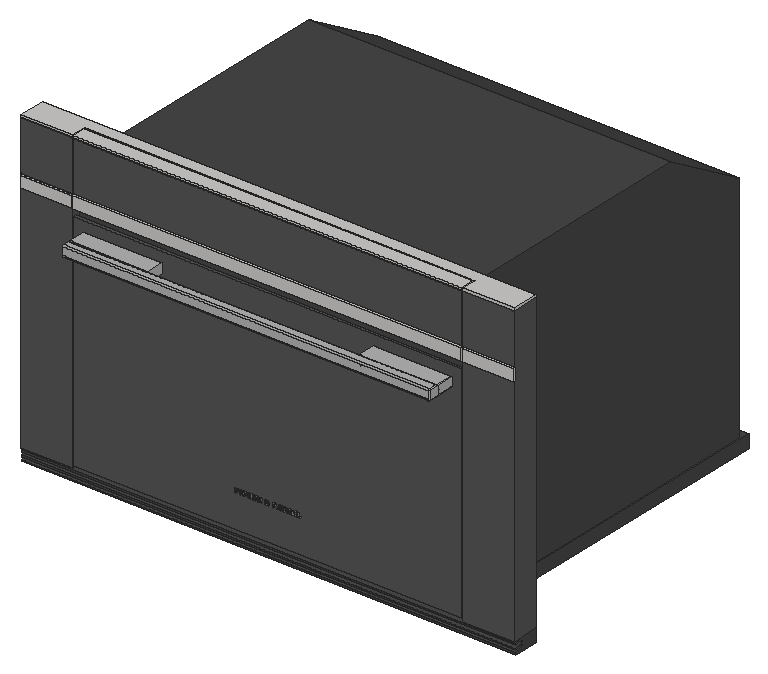
Revit family "FP_Revit_18_OM60NDB1_w_TK76NDB1_Microwave_Oven_w_76cm_Trimkit_90000813A", category Specialty Equipment, Revit 2018
Family settings
  Round Connector Dimension = Use Diameter
  Part Type = Normal
  OmniClass Number = 23.40.40.14.17.31
  OmniClass Title = Small Specialized Cooking Equipment
  Work Plane-Based = No
  Always vertical = Yes
  Cut with Voids When Loaded = Yes
  Shared = No
  Room Calculation Point = No
Parameters (values of type "OM60NDB1 + TK76NDB1")
  Visibility - Clearance Required = yes
  URL = "www.fisherpaykel.com"
  Product - Width = 757 mm  # constant formula
  Product - Height = 478 mm  # constant formula
  Product - Depth = 614 mm  # constant formula
  Model = "OM60NDB1 + TK76NDB1"
  Material - Trim = Fisher & Paykel - Stainless Steel
  Material - Structure = Fisher & Paykel - Black
  Material - Handle = Fisher & Paykel - Aluminium
  Material - Glass = Fisher & Paykel - Glass, Black
  Material - Body = Fisher & Paykel - Black
  Manufacturer = "Fisher & Paykel Appliances"
  FFL Offset [instance] = 900 mm
  Description = "60cm Microwave Oven + 76cm Trimkit"
  Connector Description - Electrical = "220-240 V, 50 Hz, 14.5 A"
  Chassis - Width = 560 mm  # constant formula
  Chassis - Height = 446 mm  # constant formula
  Chassis - Depth = 540 mm  # constant formula
  Cavity - Width = 560 mm  # constant formula
  Cavity - Height = 480 mm  # constant formula
  Cavity - Depth = 560 mm  # constant formula
Reference planes
  plane 1 "Center (Front/Back)": y = 0
  plane 2: z = 0
  plane 3 "Center (Left/Right)": x = 0
  plane 4: z = 1380
  plane 5: z = 1378
  plane 6 "Product LHS": x = -378.5
  plane 7 "Product RHS": x = 378.5
  plane 8 "Product - Depth": y = 0
  plane 9 "Cavity LHS": x = -380
  plane 10 "Cavity RHS": x = 380
  plane 11 "Cavity - Depth": y = 560
  plane 12 "Front Face": y = -41.5
  plane 13 "Chassis - Height": z = 0
  plane 14 "Product Depth": y = 540
  plane 15 "FFL Offset": z = 900
Forms (mm)
  Extrusion 1, void
    sketch origin (0, 0, 0) x (0, 1, 0) y (0, 0, 1)
      loop
        line (-41.5, 1380) -> (-41.5, 900) -> (0, 900) -> (0, 1380) -> (-41.5, 1380)
    from -380 to 380
  Extrusion 2, void
    sketch origin (0, 0, 0) x (0, 1, 0) y (0, 0, 1)
      loop
        line (560, 1370) -> (0, 1370) -> (0, 900) -> (560, 900) -> (560, 1370)
    from -280 to 280
Text (mm)
  text "Due to ongoing product development, product details are subject to change without notice. \nPlease always refer to www.fisherpaykel.com for the most current product information. \n© Fisher & Paykel 2020" at (41.04, -413.295, 0), in view "Ref. Level (Plan)"
Dimensions and locks
  equal spacing: plane 6 "Product LHS", plane 3 "Center (Left/Right)", plane 7 "Product RHS"
  "Product - Width": plane 6 "Product LHS" to plane 7 "Product RHS"
  equal spacing: plane 9 "Cavity LHS", plane 3 "Center (Left/Right)", plane 10 "Cavity RHS"
  plane 12 "Front Face" to plane 1 "Center (Front/Back)" = 41.5 mm
  "Chassis - Depth": plane 1 "Center (Front/Back)" to plane 14 "Product Depth"
  "FFL Offset": plane 15 "FFL Offset" to level
  "Cavity - Depth": plane 1 "Center (Front/Back)" to plane 11 "Cavity - Depth"
  "Product - Height": plane 5 to plane 15 "FFL Offset"
  "Cavity - Height": plane 4 to plane 15 "FFL Offset"
  locked: plane 9 "Cavity LHS" to plane 10 "Cavity RHS" at 760
  "Cavity - Width": Extrusion 2 to Extrusion 2
  aligned and locked: level to plane 2
  aligned and locked: plane 15 "FFL Offset" to nested 2
  aligned and locked: nested 2 to plane 8 "Product - Depth"
  aligned and locked: plane 12 "Front Face" to nested 2
  aligned and locked: plane 12 "Front Face" to Extrusion 1 sketch curve
  aligned and locked: Extrusion 1 sketch curve to plane 8 "Product - Depth"
  aligned and locked: plane 15 "FFL Offset" to Extrusion 1 sketch curve
  aligned and locked: Extrusion 1 sketch curve to plane 4
  aligned and locked: Extrusion 1 to plane 10 "Cavity RHS"
  aligned and locked: plane 9 "Cavity LHS" to Extrusion 1
  aligned and locked: Extrusion 2 sketch curve to plane 8 "Product - Depth"
  aligned and locked: Extrusion 2 sketch curve to plane 15 "FFL Offset"
  aligned and locked: plane 11 "Cavity - Depth" to Extrusion 2 sketch curve
  aligned and locked: Extrusion 2 sketch curve to nested 2
Nested families
  nested 1: "FP_Revit_18_OM60NDB1_Microwave_Oven_90000813A" at (0, -19.5, 20), FFL Offset <- "FFL Offset", type "OM60NDB1"
    with FFL Offset 900 mm
  nested 2: "FP_Revit_18_TK76ND_Trimkits_90001189A" at (0, 0, 0), FFL Offset <- "FFL Offset", type "TK76NDB1"
    with FFL Offset 900 mm
Connectors
  electrical at (-193.854, 529.119, 959.454), driven by "Connector Description - Electrical"
    settings: on nested 1, index 1, voltage 230 V, apparent load 0 VA, apparent load phase1 0 VA, apparent load phase2 0 VA, apparent load phase3 0 VA, power factor 1, load classification "Other", number of poles 1, system type 30, power factor state 1, is connector primary yes, connector utility no, sub classification motor no, connector description "220-240 V, 50 Hz, 14.5 A"
Definition of nested family "FP_Revit_18_OM60NDB1_Microwave_Oven_90000813A"
  Parameters (values of type "OS60NDBB1")
    Visibility - Clearance Required = yes
    URL = "www.fisherpaykel.com"
    Product - Width = 596 mm  # constant formula
    Product - Height = 458 mm  # constant formula
    Product - Depth = 562 mm  # constant formula
    Model = "OS60NDBB1"
    Material - Trim = none
    Material - Structure = none
    Material - Handle = none
    Material - Glass = none
    Material - Body = none
    Manufacturer = "Fisher & Paykel Appliances"
    FFL Offset [instance] = 900 mm
    Description = "60cm Steam Oven"
    Connector Description - Electrical = "220-240 V, 50 Hz, 14.5 A"
    Chassis - Width = 556 mm  # constant formula
    Chassis - Height = 446 mm  # constant formula
    Chassis - Depth = 540 mm  # constant formula
    Cavity - Width = 600 mm  # constant formula
    Cavity - Height = 460 mm  # constant formula
    Cavity - Depth = 560 mm  # constant formula
  Types (4, lengths in mm): name | Model | Description
    OS60NDB1 | "OS60NDB1" | "60cm Steam Oven"
    OM60NDB1 | "OM60NDB1" | "60cm Microwave Oven"
    OM60NDBB1 | "OM60NDBB1" | "60cm Microwave Oven"
    OS60NDBB1 | "OS60NDBB1" | "60cm Steam Oven"
  Reference planes
    plane 1 "Center (Front/Back)": y = 0
    plane 2: z = 0
    plane 3 "Center (Left/Right)": x = 0
    plane 4: z = 1360
    plane 5: z = 1358
    plane 6 "Product LHS": x = -298
    plane 7 "Product RHS": x = 298
    plane 8 "Product - Depth": y = 0
    plane 9 "Cavity LHS": x = -300
    plane 10 "Cavity RHS": x = 300
    plane 11 "Cavity - Depth": y = 560
    plane 12 "Front Face": y = -22
    plane 13 "Chassis - Height": z = 0
    plane 14 "Product Depth": y = 540
    plane 15 "FFL Offset": z = 900
  Forms (mm)
    Extrusion 1, solid, material <- "Material - Body"
      sketch origin (0, 0, 0) x (0, 1, 0) y (0, 0, 1)
        loop
          line (0, 1346) -> (0, 907.28) -> (5.16, 907.28) -> (5.16, 900) -> (534.187, 900) -> (534.187, 1257.991) -> (403.295, 1336.64) -> (24.316, 1336.64) -> (8.71, 1346) -> (0, 1346)
      from -278 to 278
    Extrusion 2, solid, material <- "Material - Structure", detail levels fine
      sketch origin (0, 0, 0) x (0, 1, 0) y (0, 0, 1)
        loop
          line (0, 1353.9) -> (-2, 1353.9) -> (-2, 1355) -> (-18, 1355) -> (-18, 1258) -> (-9.89, 1258) -> (-9.89, 907.28) -> (0, 907.28) -> (0, 1353.9)
      from -298 to 298
    Extrusion 3, solid, material <- "Material - Trim", detail levels fine
      sketch origin (0, 0, 0) x (0, 1, 0) y (0, 0, 1)
        loop
          line (-22, 1358) -> (-22, 1355) -> (-2, 1355) -> (-2, 1358) -> (-22, 1358)
      from -298 to 298
    Extrusion 4, solid, material <- "Material - Glass", detail levels fine
      sketch origin (0, 0, 0) x (0, 1, 0) y (0, 0, 1)
        loop
          line (-18, 1355) -> (-20.262, 1355)
          arc (-20.262, 1355) -> (-21.236, 1354.682) -> (-22, 1354) r 2.5
          line (-22, 1354) -> (-22, 1258) -> (-18, 1258) -> (-18, 1355)
      from -298 to 298
    Extrusion 5, solid, material <- "Material - Glass", detail levels fine
      sketch origin (0, 0, 0) x (0, 1, 0) y (0, 0, 1)
        loop
          line (-22, 1246.53) -> (-22, 904.53) -> (-18, 904.53) -> (-18, 1246.53) -> (-22, 1246.53)
      from -298 to 298
    Extrusion 6, solid, material <- "Material - Structure", detail levels fine
      sketch origin (0, 0, 0) x (0, 1, 0) y (0, 0, 1)
        loop
          line (-18, 1229.33) -> (-18, 907.28) -> (-9.89, 907.28) -> (-9.89, 1229.33) -> (-18, 1229.33)
      from -278 to 278
    Extrusion 7, void
      sketch origin (0, 0, 0) x (1, 0, 0) y (0, 0, 1)
        loop
          line (-158.462, 1052.91) -> (-229.24, 1052.91)
          arc (-229.24, 1052.91) -> (-232.776, 1051.446) -> (-234.24, 1047.91) r 5
          line (-234.24, 1047.91) -> (-234.24, 955.13)
          arc (-234.24, 955.13) -> (-232.776, 951.594) -> (-229.24, 950.13) r 5
          line (-229.24, 950.13) -> (-158.462, 950.13)
          arc (-158.462, 950.13) -> (-154.926, 951.594) -> (-153.462, 955.13) r 5
          line (-153.462, 955.13) -> (-153.462, 1047.91)
          arc (-153.462, 1047.91) -> (-154.926, 1051.446) -> (-158.462, 1052.91) r 5
      from -539.6 to -521.6
    Sweep 8, void
      path in 3D
        loop
          arc (-153.462, 521.6, 955.13) -> (-154.926, 521.6, 951.594) -> (-158.462, 521.6, 950.13) r 5
          line (-158.462, 521.6, 950.13) -> (-229.24, 521.6, 950.13)
          arc (-229.24, 521.6, 950.13) -> (-232.776, 521.6, 951.594) -> (-234.24, 521.6, 955.13) r 5
          line (-234.24, 521.6, 955.13) -> (-234.24, 521.6, 1047.91)
          arc (-234.24, 521.6, 1047.91) -> (-232.776, 521.6, 1051.446) -> (-229.24, 521.6, 1052.91) r 5
          line (-229.24, 521.6, 1052.91) -> (-158.462, 521.6, 1052.91)
          arc (-158.462, 521.6, 1052.91) -> (-154.926, 521.6, 1051.446) -> (-153.462, 521.6, 1047.91) r 5
          line (-153.462, 521.6, 1047.91) -> (-153.462, 521.6, 955.13)
      profile origin (-153.462, 521.6, 1001.52) x (-1, 0, 0) y (0, -1, 0)
        loop
          line (0, 0) -> (-21.3, -12.587) -> (0, -12.587) -> (0, 0)
    Extrusion 9, solid, material <- "Material - Body", detail levels medium+fine
      sketch origin (0, 0, -100) x (1, 0, 0) y (0, 0, 1)
        loop
          line (-175.354, 1115.273) -> (-212.354, 1115.273) -> (-212.354, 1057.273) -> (-175.354, 1057.273) -> (-175.354, 1115.273)
      from -540 to -521.6
    Extrusion 10, solid, material <- "Material - Trim", detail levels fine
      sketch origin (0, 0, 0) x (0, 1, 0) y (0, 0, 1)
        loop
          line (-22, 1258) -> (-22, 1277.8) -> (-22.8, 1277.8) -> (-23.7, 1275.5) -> (-23.7, 1258) -> (-22, 1258)
      from -298 to 298
    Extrusion 11, solid, visible <- "Visibility - Clearance Required", detail levels coarse
      sketch origin (0, 0, 0) x (1, 0, 0) y (0, 1, 0)
        loop
          line (-280, 0) -> (280, 0) -> (280, 548.619) -> (-280, 548.619) -> (-280, 0)
      from 900 to 1360
    Extrusion 12, solid, visible <- "Visibility - Clearance Required", detail levels coarse
      sketch origin (0, 0, 0) x (0, 1, 0) y (0, 0, 1)
        loop
          arc (-22, 1246.53) -> (-241.159, 1161.206) -> (-341.563, 948.532) r 317.644
          line (-341.563, 948.532) -> (-326.406, 946.445) -> (-332.106, 905.048) -> (-316.871, 902.951) -> (-311.171, 944.347) -> (-22, 904.53) -> (-22, 900) -> (0, 900) -> (0, 1360) -> (-22, 1360) -> (-22, 1246.53)
      from -300 to 300
    Sweep 13, solid, material <- "Material - Body", detail levels fine
      path origin (0, 0, -100) x (0, 1, 0) y (0, 0, 1)
        loop
          arc (530.8, 1057.273) -> (536.019, 1044.673) -> (548.619, 1039.454) r 17.819
      profile origin (0, 536.019, 944.673) x (0, 0.707107, 0.707107) y (1, 0, 0)
        loop
          circle (0, -193.854) r 5
    Extrusion 14, solid, material <- "Material - Glass", detail levels coarse+medium
      sketch origin (0, 0, 0) x (0, 1, 0) y (0, 0, 1)
        loop
          line (-22, 1358) -> (-22, 1258) -> (-9.89, 1258) -> (-9.89, 1229.33) -> (-18, 1229.33) -> (-18, 1246.53) -> (-22, 1246.53) -> (-22, 904.53) -> (-18, 904.53) -> (-18, 907.28) -> (0, 907.28) -> (0, 1353.9) -> (-2, 1353.9) -> (-2, 1358) -> (-22, 1358)
      from -298 to 298
    Extrusion 15, solid, material <- "Material - Body", not visible, detail levels medium+fine
      sketch origin (0, 0, 0) x (1, 0, 0) y (0, 0, 1)
        loop
          line (-175.354, 1115.273) -> (-212.354, 1115.273) -> (-212.354, 1057.273) -> (-175.354, 1057.273) -> (-175.354, 1115.273)
      from -540 to -521.6
    Sweep 16, solid, material <- "Material - Body", not visible, detail levels fine
      path origin (0, 0, 0) x (0, 1, 0) y (0, 0, 1)
        loop
          arc (530.8, 1057.273) -> (536.019, 1044.673) -> (548.619, 1039.454) r 17.819
      profile origin (0, 536.019, 1044.673) x (0, 0.707107, 0.707107) y (1, 0, 0)
        loop
          circle (0, -193.854) r 5
    Extrusion 17, void
      sketch origin (0, 0, 0) x (1, 0, 0) y (0, 1, 0)
        loop
          line (-280, 0) -> (280, 0) -> (280, 548.619) -> (-280, 548.619) -> (-280, 0)
      from 900 to 1360
    Extrusion 18, solid, visible <- "Visibility - Clearance Required", detail levels coarse
      sketch origin (0, 0, 0) x (0, 1, 0) y (0, 0, 1)
        loop
          arc (-22, 1246.53) -> (-241.159, 1161.206) -> (-341.563, 948.532) r 317.644
          line (-341.563, 948.532) -> (-326.406, 946.445) -> (-332.106, 905.048) -> (-316.871, 902.951) -> (-311.171, 944.347) -> (-22, 904.53) -> (-22, 900) -> (0, 900) -> (0, 1360) -> (-22, 1360) -> (-22, 1246.53)
      from -300 to 300
    Extrusion 19, void
      sketch origin (0, 0, 0) x (0, 1, 0) y (0, 0, 1)
        loop
          line (-22, 1360) -> (-22, 900) -> (0, 900) -> (0, 1360) -> (-22, 1360)
      from -300 to 300
  Cuts and joins
    Extrusion 7, Sweep 8 cuts Extrusion 1
    Extrusion 7 cuts Extrusion 2
    Extrusion 7 cuts Extrusion 5
    Extrusion 7 cuts Extrusion 6
  Lines and regions (mm)
    sketch lines
      curve 1: line (-153.462, 521.6, 1047.91) -> (-153.462, 521.6, 955.13)
      curve 2: arc (-153.462, 521.6, 1047.91) -> (-154.926, 521.6, 1051.446) -> (-158.462, 521.6, 1052.91) r 5
      curve 3: line (-229.24, 521.6, 1052.91) -> (-158.462, 521.6, 1052.91)
      curve 4: arc (-229.24, 521.6, 1052.91) -> (-232.776, 521.6, 1051.446) -> (-234.24, 521.6, 1047.91) r 5
      curve 5: line (-234.24, 521.6, 955.13) -> (-234.24, 521.6, 1047.91)
      curve 6: arc (-234.24, 521.6, 955.13) -> (-232.776, 521.6, 951.594) -> (-229.24, 521.6, 950.13) r 5
      curve 7: arc (-158.462, 521.6, 950.13) -> (-154.926, 521.6, 951.594) -> (-153.462, 521.6, 955.13) r 5
      curve 8: line (-158.462, 521.6, 950.13) -> (-229.24, 521.6, 950.13)
  Text (mm)
    text "Due to ongoing product development, product details are subject to change without notice. \nPlease always refer to www.fisherpaykel.com for the most current product information. \n© Fisher & Paykel 2020" at (41.04, -413.295, 0), in view "Ref. Level (Plan)"
  Dimensions and locks
    equal spacing: plane 6 "Product LHS", plane 3 "Center (Left/Right)", plane 7 "Product RHS"
    "Product - Width": plane 6 "Product LHS" to plane 7 "Product RHS"
    equal spacing: plane 9 "Cavity LHS", plane 3 "Center (Left/Right)", plane 10 "Cavity RHS"
    "Cavity - Width": plane 9 "Cavity LHS" to plane 10 "Cavity RHS"
    "Cavity - Depth": plane 11 "Cavity - Depth" to plane 1 "Center (Front/Back)"
    locked: plane 12 "Front Face" to plane 1 "Center (Front/Back)" at 22
    "Chassis - Depth": plane 1 "Center (Front/Back)" to plane 14 "Product Depth"
    Extrusion 1 sketch curve to plane 14 "Product Depth" = 5.813 mm
    equal spacing: cut or joined group of Extrusion 1, Extrusion 7, Sweep 8, plane 3 "Center (Left/Right)", cut or joined group of Extrusion 1, Extrusion 7, Sweep 8
    "Chassis - Width": cut or joined group of Extrusion 1, Extrusion 7, Sweep 8 to cut or joined group of Extrusion 1, Extrusion 7, Sweep 8
    "FFL Offset": plane 15 "FFL Offset" to level
    locked: nested 2 to plane 15 "FFL Offset" at 61.04
    locked: cut or joined group of Extrusion 1, Extrusion 7, Sweep 8 to plane 15 "FFL Offset" at 7.28
    locked: Extrusion 14 to plane 15 "FFL Offset" at 4.53
    locked: cut or joined group of Extrusion 1, Extrusion 7, Sweep 8 to plane 15 "FFL Offset" at 436.64
    "Chassis - Height": cut or joined group of Extrusion 1, Extrusion 7, Sweep 8 to plane 15 "FFL Offset"
    Extrusion 11 to plane 15 "FFL Offset" = 460 mm
    locked: plane 15 "FFL Offset" to Extrusion 9 at 57.273
    locked: plane 15 "FFL Offset" to cut or joined group of Extrusion 1, Extrusion 7, Sweep 8 at 50.13
    "Product - Height": plane 5 to plane 15 "FFL Offset"
    "Cavity - Height": plane 4 to plane 15 "FFL Offset"
    locked: nested 1 to plane 15 "FFL Offset" at 330.978
    locked: plane 5 to Extrusion 14 at 100
    locked: plane 5 to Extrusion 14 at 111.47
    locked: Extrusion 12 sketch curve to plane 15 "FFL Offset" at 4.53
    locked: plane 15 "FFL Offset" to Extrusion 7 sketch curve at 152.91
    locked: plane 15 "FFL Offset" to Extrusion 7 sketch curve at 50.13
    aligned and locked: level to plane 2
    aligned and locked: Extrusion 3 sketch curve to plane 5
    aligned and locked: plane 6 "Product LHS" to Extrusion 5
    aligned and locked: Extrusion 5 to plane 7 "Product RHS"
    aligned and locked: Extrusion 4 to plane 7 "Product RHS"
    aligned and locked: plane 6 "Product LHS" to Extrusion 4
    aligned and locked: plane 6 "Product LHS" to Extrusion 3
    aligned and locked: Extrusion 3 to plane 7 "Product RHS"
    aligned and locked: plane 6 "Product LHS" to Extrusion 2
    aligned and locked: Extrusion 2 to plane 7 "Product RHS"
    aligned and locked: plane 14 "Product Depth" to Extrusion 9
    aligned and locked: cut or joined group of Extrusion 1, Extrusion 7, Sweep 8 to Extrusion 9
    aligned and locked: Extrusion 10 to plane 7 "Product RHS"
    aligned and locked: plane 6 "Product LHS" to Extrusion 10
    aligned and locked: Extrusion 14 to plane 7 "Product RHS"
    aligned and locked: plane 6 "Product LHS" to Extrusion 14
    aligned and locked: Extrusion 1 to plane 15 "FFL Offset"
    aligned and locked: Extrusion 11 to cut or joined group of Extrusion 1, Extrusion 7, Sweep 8
    aligned and locked: Extrusion 14 to cut or joined group of Extrusion 1, Extrusion 7, Sweep 8
    aligned and locked: Extrusion 2 to cut or joined group of Extrusion 1, Extrusion 7, Sweep 8
    aligned and locked: Extrusion 6 to cut or joined group of Extrusion 1, Extrusion 7, Sweep 8
    aligned and locked: plane 5 to Extrusion 3
    aligned and locked: plane 5 to Extrusion 14
    aligned and locked: Extrusion 10 to Extrusion 4
    aligned and locked: Extrusion 14 to Extrusion 4
    aligned and locked: Extrusion 4 to cut or joined group of Extrusion 2, Extrusion 7
    aligned and locked: Extrusion 5 to Extrusion 14  (x2)
    aligned and locked: plane 4 to Extrusion 11
    aligned and locked: Extrusion 11 to Sweep 13
    aligned and locked: Extrusion 12 sketch curve to plane 15 "FFL Offset"
    aligned and locked: Extrusion 12 sketch curve to plane 4
    aligned and locked: plane 4 to Extrusion 17
    aligned and locked: Extrusion 17 to cut or joined group of Extrusion 1, Extrusion 7, Sweep 8
    aligned and locked: plane 15 "FFL Offset" to Extrusion 19 sketch curve
    aligned and locked: Extrusion 19 sketch curve to plane 4
  Automatic sketch dimensions
    Extrusion 9 sketch curve to Extrusion 9 sketch curve = 37 mm
    Extrusion 9 sketch curve to Extrusion 9 sketch curve = 58 mm
    Sweep 13 sketch curve to profile plane = 0 mm
    Sweep 13 sketch curve to Sweep 13 sketch curve = 17.819 mm
    Sweep 13 sketch curve to profile plane = 193.854 mm
    Extrusion 15 sketch curve to Extrusion 15 sketch curve = 37 mm
    Extrusion 15 sketch curve to Extrusion 15 sketch curve = 58 mm
    Sweep 16 sketch curve to profile plane = 0 mm
    Sweep 16 sketch curve to Sweep 16 sketch curve = 17.819 mm
    Sweep 16 sketch curve to profile plane = 193.854 mm
    Extrusion 1 sketch curve to plane 1 "Center (Front/Back)" = 0 mm
    Extrusion 1 sketch curve to plane 15 "FFL Offset" = 0 mm
    Extrusion 1 sketch curve to plane 1 "Center (Front/Back)" = 5.16 mm
    Extrusion 1 sketch curve to Extrusion 1 sketch curve = 8.71 mm
    Extrusion 1 sketch curve to Extrusion 1 sketch curve = 15.606 mm
    Extrusion 1 sketch curve to plane 5 = 21.36 mm
    Extrusion 1 sketch curve to plane 14 "Product Depth" = 136.705 mm
    Extrusion 1 sketch curve to Extrusion 1 sketch curve = 7.28 mm
    Extrusion 1 sketch curve to plane 5 = 100.009 mm
    Extrusion 1 sketch curve to plane 5 = 12 mm
    Extrusion 2 sketch curve to plane 1 "Center (Front/Back)" = 0 mm
    plane 1 "Center (Front/Back)" to Extrusion 2 sketch curve = 2 mm
    plane 1 "Center (Front/Back)" to Extrusion 2 sketch curve = 9.89 mm
    plane 12 "Front Face" to Extrusion 2 sketch curve = 4 mm
    plane 15 "FFL Offset" to Extrusion 2 sketch curve = 7.28 mm
    Extrusion 2 sketch curve to plane 5 = 100 mm
    Extrusion 2 sketch curve to plane 5 = 4.1 mm
    Extrusion 2 sketch curve to Extrusion 2 sketch curve = 1.1 mm
    Extrusion 3 sketch curve to plane 12 "Front Face" = 0 mm
    plane 1 "Center (Front/Back)" to Extrusion 3 sketch curve = 2 mm
    Extrusion 3 sketch curve to plane 5 = 3 mm
    Extrusion 4 sketch curve to plane 12 "Front Face" = 0 mm
    plane 12 "Front Face" to Extrusion 4 sketch curve = 1.738 mm
    plane 12 "Front Face" to Extrusion 4 sketch curve = 2.011 mm
    plane 12 "Front Face" to Extrusion 4 sketch curve = 4 mm
    Extrusion 4 sketch curve to plane 5 = 100 mm
    Extrusion 4 sketch curve to plane 5 = 5.485 mm
    Extrusion 4 sketch curve to Extrusion 4 sketch curve = 1.485 mm
    Extrusion 5 sketch curve to plane 12 "Front Face" = 0 mm
    plane 12 "Front Face" to Extrusion 5 sketch curve = 4 mm
    plane 15 "FFL Offset" to Extrusion 5 sketch curve = 4.53 mm
    Extrusion 5 sketch curve to plane 5 = 111.47 mm
    plane 12 "Front Face" to Extrusion 6 sketch curve = 4 mm
    Extrusion 6 sketch curve to Extrusion 6 sketch curve = 8.11 mm
    plane 15 "FFL Offset" to Extrusion 6 sketch curve = 7.28 mm
    Extrusion 6 sketch curve to plane 5 = 128.67 mm
    Extrusion 7 sketch curve to plane 6 "Product LHS" = 63.76 mm
    Extrusion 7 sketch curve to Extrusion 7 sketch curve = 5 mm  (x3)
    Extrusion 7 sketch curve to Extrusion 7 sketch curve = 70.778 mm  (x2)
    Sweep 8 sketch curve to profile plane = 0 mm  (x2)
    Sweep 8 sketch curve to profile plane = 21.3 mm
    profile plane to Sweep 8 sketch curve = 12.587 mm
    Extrusion 10 sketch curve to plane 12 "Front Face" = 0 mm
    Extrusion 10 sketch curve to Extrusion 10 sketch curve = 0.8 mm
    Extrusion 10 sketch curve to plane 12 "Front Face" = 1.7 mm
    Extrusion 10 sketch curve to plane 5 = 100 mm
    Extrusion 10 sketch curve to Extrusion 10 sketch curve = 17.5 mm
    Extrusion 10 sketch curve to Extrusion 10 sketch curve = 2.3 mm
    plane 1 "Center (Front/Back)" to Extrusion 11 sketch curve = 0 mm
    plane 14 "Product Depth" to Extrusion 11 sketch curve = 8.619 mm
    Extrusion 11 sketch curve to plane 6 "Product LHS" = 18 mm
    plane 7 "Product RHS" to Extrusion 11 sketch curve = 18 mm
    Extrusion 12 sketch curve to plane 12 "Front Face" = 0 mm  (x2)
    Extrusion 12 sketch curve to plane 1 "Center (Front/Back)" = 0 mm
    Extrusion 12 sketch curve to plane 12 "Front Face" = 2.526 mm
    plane 15 "FFL Offset" to Extrusion 12 sketch curve = 44.347 mm
    Extrusion 12 sketch curve to Extrusion 12 sketch curve = 286.644 mm
    plane 15 "FFL Offset" to Extrusion 12 sketch curve = 2.951 mm
    plane 15 "FFL Offset" to Extrusion 12 sketch curve = 46.445 mm
    Extrusion 12 sketch curve to Extrusion 12 sketch curve = 15.235 mm
    plane 15 "FFL Offset" to Extrusion 12 sketch curve = 48.532 mm
    Extrusion 12 sketch curve to Extrusion 12 sketch curve = 24.366 mm
    Extrusion 14 sketch curve to plane 5 = 0 mm
    Extrusion 14 sketch curve to plane 12 "Front Face" = 0 mm  (x2)
    Extrusion 14 sketch curve to plane 1 "Center (Front/Back)" = 0 mm
    plane 12 "Front Face" to Extrusion 14 sketch curve = 4 mm  (x2)
    plane 1 "Center (Front/Back)" to Extrusion 14 sketch curve = 9.89 mm
    plane 1 "Center (Front/Back)" to Extrusion 14 sketch curve = 2 mm
    Extrusion 14 sketch curve to plane 5 = 4.1 mm
    Extrusion 14 sketch curve to Extrusion 14 sketch curve = 95.9 mm
    Extrusion 14 sketch curve to Extrusion 14 sketch curve = 11.47 mm
    Extrusion 14 sketch curve to Extrusion 14 sketch curve = 17.2 mm
    plane 15 "FFL Offset" to Extrusion 14 sketch curve = 7.28 mm
    Extrusion 14 sketch curve to Extrusion 14 sketch curve = 2.75 mm
    plane 1 "Center (Front/Back)" to Extrusion 17 sketch curve = 0 mm
    plane 14 "Product Depth" to Extrusion 17 sketch curve = 8.619 mm
    Extrusion 17 sketch curve to plane 6 "Product LHS" = 18 mm
    plane 7 "Product RHS" to Extrusion 17 sketch curve = 18 mm
    Extrusion 18 sketch curve to plane 12 "Front Face" = 0 mm  (x2)
    Extrusion 18 sketch curve to plane 1 "Center (Front/Back)" = 0 mm
    Extrusion 18 sketch curve to plane 15 "FFL Offset" = 0 mm
    Extrusion 18 sketch curve to plane 4 = 0 mm
    Extrusion 18 sketch curve to plane 12 "Front Face" = 2.526 mm
    plane 15 "FFL Offset" to Extrusion 18 sketch curve = 44.347 mm
    Extrusion 18 sketch curve to Extrusion 18 sketch curve = 286.644 mm
    plane 15 "FFL Offset" to Extrusion 18 sketch curve = 2.951 mm
    Extrusion 18 sketch curve to Extrusion 18 sketch curve = 5.7 mm
    plane 15 "FFL Offset" to Extrusion 18 sketch curve = 46.445 mm
    Extrusion 18 sketch curve to Extrusion 18 sketch curve = 15.235 mm
    plane 15 "FFL Offset" to Extrusion 18 sketch curve = 48.532 mm
    Extrusion 18 sketch curve to Extrusion 18 sketch curve = 24.366 mm
    Extrusion 19 sketch curve to plane 12 "Front Face" = 0 mm
    Extrusion 19 sketch curve to plane 1 "Center (Front/Back)" = 0 mm
    radius of Sweep 13 sketch curve = 5 mm
    radius of Sweep 16 sketch curve = 5 mm
  Nested families
    nested 1: "F&P Handle Contemporary Square OB60-24" at (0, -22, 1223), type "Aluminium"
    nested 2: "F&P Logo 100mm" at (0, -22, 955), type "F&P Logo 100mm"
  Connectors
    electrical at (-193.854, 548.619, 939.454), driven by "Connector Description - Electrical"
      settings: on Sweep 13, index 1, voltage 120 V, apparent load 0 VA, apparent load phase1 0 VA, apparent load phase2 0 VA, apparent load phase3 0 VA, power factor 1, load classification none, number of poles 1, system type 30, power factor state 1, is connector primary yes, connector utility no, sub classification motor no, connector description "220-240 V, 50 Hz, 14.5 A"
  Definition of nested family "F&P Handle Contemporary Square OB60-24"
    Parameters (values of type "Aluminium Dark")
      URL = "www.fisherpaykel.com"
      Material - Handle = none
      Manufacturer = "Fisher & Paykel Appliances"
      Handle - Length = 565 mm
    Types (2): name
      Aluminium
      Aluminium Dark
    Reference planes
      plane 1 "Center (Front/Back)": y = 0
      plane 2: z = 0
      plane 3 "Center (Left/Right)": x = 0
      plane 4 "Product LHS": x = -282.5
      plane 5 "Product RHS": x = 282.5
      plane 6 "LHS Standoff": x = -162.495
      plane 7 "RHS Standoff": x = 162.505
    Forms (mm)
      Extrusion 1, solid, material <- "Material - Handle", detail levels fine
        sketch origin (0, 0, 0) x (0, 1, 0) y (0, 0, 1)
          loop
            arc (-28.701, 7.561) -> (-29.057, 7.868) -> (-29.514, 7.978) r 1
            line (-29.514, 7.978) -> (-40.5, 7.978)
            arc (-40.5, 7.978) -> (-41.561, 7.539) -> (-42, 6.478) r 1.5
            line (-42, 6.478) -> (-42, -6.522)
            arc (-42, -6.522) -> (-41.561, -7.583) -> (-40.5, -8.022) r 1.5
            line (-40.5, -8.022) -> (-29.487, -8.022)
            arc (-29.487, -8.022) -> (-29.029, -7.911) -> (-28.673, -7.602) r 1
            arc (-28.673, -7.602) -> (-26.256, -0.016) -> (-28.701, 7.561) r 13.038
        from -282.5 to 282.5
      Extrusion 2, solid, material <- "Material - Handle", detail levels fine
        sketch origin (0, 0, 0) x (0, 1, 0) y (0, 0, 1)
          loop
            arc (-28.23, 7.062) -> (-26.156, 0.008) -> (-28.198, -7.056) r 13.136
            arc (-28.198, -7.056) -> (-28.21, -7.463) -> (-27.86, -7.67) r 0.4
            line (-27.86, -7.67) -> (0, -7.67) -> (0, 7.678) -> (-27.893, 7.678)
            arc (-27.893, 7.678) -> (-28.244, 7.47) -> (-28.23, 7.062) r 0.4
        from 162.505 to 282.5
      Extrusion 3, solid, material <- "Material - Handle", detail levels fine
        sketch origin (0, 0, 0) x (0, 1, 0) y (0, 0, -1)
          loop
            arc (-28.23, -7.062) -> (-28.244, -7.47) -> (-27.893, -7.678) r 0.4
            line (-27.893, -7.678) -> (0, -7.678) -> (0, 7.67) -> (-27.86, 7.67)
            arc (-27.86, 7.67) -> (-28.21, 7.463) -> (-28.198, 7.056) r 0.4
            arc (-28.198, 7.056) -> (-26.156, -0.008) -> (-28.23, -7.062) r 13.136
        from 162.495 to 282.5
      Sweep 4, void
        path in 3D
          loop
            line (282.5, -29.514, 7.978) -> (282.5, -40.5, 7.978)
            arc (282.5, -40.5, 7.978) -> (282.5, -41.561, 7.539) -> (282.5, -42, 6.478) r 1.5
            line (282.5, -42, 6.478) -> (282.5, -42, -6.522)
            arc (282.5, -42, -6.522) -> (282.5, -41.561, -7.583) -> (282.5, -40.5, -8.022) r 1.5
            line (282.5, -40.5, -8.022) -> (282.5, -29.487, -8.022)
        profile origin (282.5, -35.007, 7.978) x (1, 0, 0) y (0, 0, 1)
          loop
            line (0, 0) -> (-1.3, 0) -> (0, -1.3) -> (0, 0)
      Sweep 5, void
        path in 3D
          loop
            line (-282.5, -29.487, -8.022) -> (-282.5, -40.5, -8.022)
            arc (-282.5, -40.5, -8.022) -> (-282.5, -41.561, -7.583) -> (-282.5, -42, -6.522) r 1.5
            line (-282.5, -42, -6.522) -> (-282.5, -42, 6.478)
            arc (-282.5, -42, 6.478) -> (-282.5, -41.561, 7.539) -> (-282.5, -40.5, 7.978) r 1.5
            line (-282.5, -40.5, 7.978) -> (-282.5, -29.514, 7.978)
        profile origin (-282.5, -35.007, 7.978) x (-1, 0, 0) y (0, 0, 1)
          loop
            line (0, 0) -> (-1.3, 0) -> (0, -1.3) -> (0, 0)
      Extrusion 6, void
        sketch origin (0, 0, 0) x (1, 0, 0) y (0, 0, 1)
          loop
            line (282.5, 7.978) -> (281.2, 7.978) -> (282.5, 6.678) -> (282.5, 7.978)
          loop
            line (282.5, -8.022) -> (282.5, -6.722) -> (281.2, -8.022) -> (282.5, -8.022)
        from 0 to 40
      Extrusion 7, void
        sketch origin (0, 0, 0) x (1, 0, 0) y (0, 0, 1)
          loop
            line (-282.5, 7.978) -> (-282.5, 6.678) -> (-281.2, 7.978) -> (-282.5, 7.978)
          loop
            line (-282.5, -8.022) -> (-281.2, -8.022) -> (-282.5, -6.722) -> (-282.5, -8.022)
        from 0 to 40
      Extrusion 8, solid, material <- "Material - Handle", detail levels coarse+medium
        sketch origin (0, 0, 0) x (1, 0, 0) y (0, 1, 0)
          loop
            line (-282.5, -42) -> (282.5, -42) -> (282.5, 0) -> (162.505, 0) -> (162.505, -26.156) -> (-162.495, -26.156) -> (-162.495, 0) -> (-282.5, 0) -> (-282.5, -42)
        from -8.022 to 7.978
    Cuts and joins
      Sweep 4, Sweep 5, Extrusion 6, Extrusion 7 cuts Extrusion 1
      Extrusion 6 cuts Extrusion 2
      Extrusion 7 cuts Extrusion 3
    Lines and regions (mm)
      sketch lines
        curve 1: line (282.5, -29.514, 7.978) -> (282.5, -40.5, 7.978)
        curve 2: arc (282.5, -42, 6.478) -> (282.5, -41.561, 7.539) -> (282.5, -40.5, 7.978) r 1.5
        curve 3: line (282.5, -42, 6.478) -> (282.5, -42, -6.522)
        curve 4: arc (282.5, -40.5, -8.022) -> (282.5, -41.561, -7.583) -> (282.5, -42, -6.522) r 1.5
        curve 5: line (282.5, -40.5, -8.022) -> (282.5, -29.487, -8.022)
        curve 6: line (-282.5, -40.5, 7.978) -> (-282.5, -29.514, 7.978)
        curve 7: arc (-282.5, -40.5, 7.978) -> (-282.5, -41.561, 7.539) -> (-282.5, -42, 6.478) r 1.5
        curve 8: line (-282.5, -42, -6.522) -> (-282.5, -42, 6.478)
        curve 9: arc (-282.5, -42, -6.522) -> (-282.5, -41.561, -7.583) -> (-282.5, -40.5, -8.022) r 1.5
        curve 10: line (-282.5, -29.487, -8.022) -> (-282.5, -40.5, -8.022)
    Dimensions and locks
      equal spacing: plane 4 "Product LHS", plane 3 "Center (Left/Right)", plane 5 "Product RHS"
      "Handle - Length": plane 4 "Product LHS" to plane 5 "Product RHS"
      locked: plane 4 "Product LHS" to plane 6 "LHS Standoff" at 120.005
      locked: plane 7 "RHS Standoff" to plane 5 "Product RHS" at 119.995
      aligned and locked: level to plane 2
      aligned and locked: Extrusion 1 to plane 5 "Product RHS"
      aligned and locked: plane 4 "Product LHS" to Extrusion 1
      aligned and locked: Extrusion 2 to plane 5 "Product RHS"
      aligned and locked: plane 4 "Product LHS" to Extrusion 3
      aligned and locked: plane 4 "Product LHS" to Extrusion 8 sketch curve
      aligned and locked: Extrusion 8 sketch curve to plane 5 "Product RHS"
      aligned and locked: Extrusion 8 sketch curve to plane 7 "RHS Standoff"
      aligned and locked: plane 6 "LHS Standoff" to Extrusion 8 sketch curve
      aligned and locked: Extrusion 2 to plane 7 "RHS Standoff"
      aligned and locked: plane 6 "LHS Standoff" to Extrusion 3
    Automatic sketch dimensions
      Extrusion 1 sketch curve to level = 6.522 mm
      plane 1 "Center (Front/Back)" to Extrusion 1 sketch curve = 42 mm
      Extrusion 1 sketch curve to Extrusion 1 sketch curve = 1.5 mm  (x2)
      Extrusion 1 sketch curve to level = 0.04 mm
      Extrusion 1 sketch curve to Extrusion 1 sketch curve = 1.206 mm
      level to Extrusion 1 sketch curve = 6.978 mm
      Extrusion 1 sketch curve to Extrusion 1 sketch curve = 10.986 mm
      Extrusion 1 sketch curve to Extrusion 1 sketch curve = 11.013 mm
      Extrusion 1 sketch curve to Extrusion 1 sketch curve = 1 mm
      level to Extrusion 1 sketch curve = 6.478 mm
      Extrusion 1 sketch curve to Extrusion 1 sketch curve = 0 mm
      Extrusion 2 sketch curve to plane 1 "Center (Front/Back)" = 0 mm
      Extrusion 2 sketch curve to level = 7.67 mm
      Extrusion 2 sketch curve to Extrusion 2 sketch curve = 27.86 mm
      level to Extrusion 2 sketch curve = 7.678 mm
      Extrusion 2 sketch curve to Extrusion 2 sketch curve = 0.033 mm
      Extrusion 2 sketch curve to level = 0.022 mm
      Extrusion 2 sketch curve to Extrusion 2 sketch curve = 11.398 mm
      Extrusion 2 sketch curve to Extrusion 2 sketch curve = 0.4 mm  (x2)
      Extrusion 2 sketch curve to Extrusion 2 sketch curve = 0 mm
      Extrusion 3 sketch curve to plane 1 "Center (Front/Back)" = 0 mm
      Extrusion 3 sketch curve to level = 7.67 mm
      Extrusion 3 sketch curve to Extrusion 3 sketch curve = 27.86 mm
      level to Extrusion 3 sketch curve = 7.678 mm
      Extrusion 3 sketch curve to Extrusion 3 sketch curve = 0.033 mm
      Extrusion 3 sketch curve to level = 0.022 mm
      Extrusion 3 sketch curve to Extrusion 3 sketch curve = 11.398 mm
      Extrusion 3 sketch curve to Extrusion 3 sketch curve = 0.4 mm  (x2)
      Extrusion 3 sketch curve to Extrusion 3 sketch curve = 0 mm
      profile plane to Sweep 4 sketch curve = 0 mm
      Sweep 4 sketch curve to profile plane = 0 mm
      Sweep 4 sketch curve to profile plane = 1.3 mm
      profile plane to Sweep 4 sketch curve = 1.3 mm
      Sweep 5 sketch curve to profile plane = 0 mm  (x2)
      profile plane to Sweep 5 sketch curve = 1.3 mm
      Sweep 5 sketch curve to profile plane = 1.3 mm
      plane 5 "Product RHS" to Extrusion 6 sketch curve = 0 mm  (x2)
      Extrusion 6 sketch curve to Extrusion 6 sketch curve = 1.3 mm  (x4)
      Extrusion 6 sketch curve to level = 6.722 mm
      level to Extrusion 6 sketch curve = 6.678 mm
      plane 4 "Product LHS" to Extrusion 7 sketch curve = 0 mm  (x2)
      Extrusion 7 sketch curve to plane 4 "Product LHS" = 1.3 mm  (x2)
      Extrusion 7 sketch curve to level = 8.022 mm
      level to Extrusion 7 sketch curve = 6.678 mm
      Extrusion 7 sketch curve to Extrusion 7 sketch curve = 1.3 mm  (x2)
      plane 1 "Center (Front/Back)" to Extrusion 8 sketch curve = 0 mm  (x2)
      Extrusion 8 sketch curve to Extrusion 8 sketch curve = 26.156 mm
      Extrusion 8 sketch curve to Extrusion 8 sketch curve = 42 mm
  Definition of nested family "F&P Logo 100mm"
    Parameters (values of type "F&P Logo 100mm")
      URL = "www.fisherpaykel.com"
      Material - Logo = none
      Manufacturer = "Fisher & Paykel Appliances"
    Reference planes
      plane 1 "Center (Front/Back)": y = 0
      plane 2: z = 0
      plane 3 "Center (Left/Right)": x = 0
    Forms (mm)
      Extrusion 1, solid, material <- "Material - Logo", detail levels fine
        sketch origin (0, 0, 0) x (1, 0, 0) y (0, 0, 1)
          loop
            line (-50.044, 0) -> (-48.47, 0) -> (-48.47, 2.138) -> (-46.011, 2.138) -> (-46.011, 3.472) -> (-48.47, 3.472) -> (-48.47, 4.712) -> (-45.795, 4.712) -> (-45.795, 6.04) -> (-50.044, 6.04) -> (-50.044, 0)
          loop
            line (-42.804, 6.04) -> (-42.804, 0) -> (-41.23, 0) -> (-41.23, 6.04) -> (-42.804, 6.04)
          loop
            line (-30.724, 6.04) -> (-30.724, 0) -> (-29.151, 0) -> (-29.151, 2.42) -> (-26.839, 2.42) -> (-26.839, 0) -> (-25.265, 0) -> (-25.265, 6.04) -> (-26.839, 6.04) -> (-26.839, 3.748) -> (-29.151, 3.748) -> (-29.151, 6.04) -> (-30.724, 6.04)
          loop
            line (-21.906, 6.04) -> (-21.906, 0) -> (-17.602, 0) -> (-17.602, 1.328) -> (-20.347, 1.328) -> (-20.347, 2.42) -> (-17.838, 2.42) -> (-17.838, 3.748) -> (-20.347, 3.748) -> (-20.347, 4.712) -> (-17.602, 4.712) -> (-17.602, 6.04) -> (-21.906, 6.04)
          loop
            line (45.667, 6.04) -> (45.667, 0) -> (49.956, 0) -> (49.956, 1.328) -> (47.241, 1.328) -> (47.241, 6.04) -> (45.667, 6.04)
          loop
            line (42.431, 6.04) -> (38.112, 6.04) -> (38.112, 0) -> (42.431, 0) -> (42.431, 1.328) -> (39.687, 1.328) -> (39.687, 2.42) -> (42.195, 2.42) -> (42.195, 3.748) -> (39.687, 3.748) -> (39.687, 4.712) -> (42.431, 4.712) -> (42.431, 6.04)
          loop
            line (33.451, 3.148) -> (35.683, 6.04) -> (33.844, 6.04) -> (31.915, 3.542) -> (31.915, 6.04) -> (30.342, 6.04) -> (30.342, 0) -> (31.915, 0) -> (31.915, 2.705) -> (33.903, 0) -> (35.763, 0) -> (33.451, 3.148)
          loop
            line (21.98, 6.04) -> (24.262, 2.42) -> (24.262, 0) -> (25.837, 0) -> (25.837, 2.341) -> (28.119, 6.04) -> (26.446, 6.04) -> (25.099, 3.707) -> (23.753, 6.04) -> (21.98, 6.04)
          loop
            line (18.479, 6.04) -> (16.983, 6.04) -> (14.524, 0) -> (16.069, 0) -> (16.501, 1.112) -> (18.921, 1.112) -> (19.354, 0) -> (20.938, 0) -> (18.479, 6.04)
          loop
            line (18.4, 2.439) -> (17.693, 4.174) -> (17.018, 2.439) -> (18.4, 2.439)
          loop
            line (8.031, 6.04) -> (8.031, 0) -> (9.605, 0) -> (9.605, 1.938) -> (10.599, 1.938)
            arc (10.599, 1.938) -> (12.65, 3.989) -> (10.599, 6.04) r 2.051
            line (10.599, 6.04) -> (8.031, 6.04)
          loop
            line (9.605, 4.712) -> (9.605, 3.197) -> (10.501, 3.197)
            arc (10.501, 3.197) -> (11.259, 3.954) -> (10.501, 4.712) r 0.757
            line (10.501, 4.712) -> (9.605, 4.712)
          loop
            line (-11.783, 6.04) -> (-14.366, 6.04) -> (-14.366, 0) -> (-12.792, 0) -> (-12.792, 1.336) -> (-11.992, 1.336) -> (-10.972, 0) -> (-9.153, 0) -> (-10.694, 1.973)
            arc (-10.694, 1.973) -> (-9.678, 4.424) -> (-11.783, 6.04) r 2.179
          loop
            line (-11.897, 4.712) -> (-12.792, 4.712) -> (-12.792, 3.053) -> (-11.897, 3.053)
            arc (-11.897, 3.053) -> (-11.068, 3.882) -> (-11.897, 4.712) r 0.83
          loop
            line (0.477, 4.712) -> (0.477, 6.153) -> (-3.575, 6.153) -> (-3.575, 4.851) -> (-2.974, 4.112)
            arc (-2.974, 4.112) -> (-3.51, 0.684) -> (-0.045, 0.512) r 2.334
            line (-0.045, 0.512) -> (0.46, -0.109) -> (2.246, -0.109) -> (0.86, 1.594) -> (2.061, 3.324) -> (0.443, 3.324) -> (-0.013, 2.667) -> (-1.677, 4.712) -> (0.477, 4.712)
          loop
            arc (-2.125, 3.068) -> (-2.269, 1.668) -> (-0.868, 1.524) r 0.996
            line (-0.868, 1.524) -> (-2.125, 3.068)
          loop
            line (-35.18, 3.634) -> (-36.516, 3.91)
            arc (-36.516, 3.91) -> (-37.049, 4.443) -> (-36.516, 4.976) r 0.533
            arc (-36.516, 4.976) -> (-35.235, 4.79) -> (-34.059, 4.248) r 4.505
            line (-34.059, 4.248) -> (-34.059, 5.743)
            arc (-34.059, 5.743) -> (-35.549, 6.179) -> (-37.1, 6.109) r 4.726
            arc (-37.1, 6.109) -> (-38.536, 4.335) -> (-37.1, 2.561) r 1.814
            line (-37.1, 2.561) -> (-35.754, 2.282)
            arc (-35.754, 2.282) -> (-35.221, 1.749) -> (-35.754, 1.216) r 0.533
            arc (-35.754, 1.216) -> (-37.035, 1.402) -> (-38.211, 1.945) r 4.505
            line (-38.211, 1.945) -> (-38.211, 0.449)
            arc (-38.211, 0.449) -> (-36.72, 0.013) -> (-35.169, 0.083) r 4.726
            arc (-35.169, 0.083) -> (-33.734, 1.863) -> (-35.18, 3.634) r 1.814
        from 0 to 0.8
    Dimensions and locks
      aligned and locked: level to plane 2
Definition of nested family "FP_Revit_18_TK76ND_Trimkits_90001189A"
  Parameters (values of type "TK76NDBB1")
    Visibility - Clearance Required = yes
    URL = "www.fisherpaykel.com"
    Product - Width = 757 mm  # constant formula
    Product - Height = 478 mm  # constant formula
    Product - Depth = 571.5 mm  # constant formula
    Model = "TK76NDBB1"
    Material - Trim = none
    Material - Glass = none
    Material - Body = none
    Manufacturer = "Fisher & Paykel Appliances"
    FFL Offset [instance] = 860 mm
    Description = "76cm Trim Kit"
    Chassis - Width = 560 mm  # constant formula
    Chassis - Height = 20 mm  # constant formula
    Chassis - Depth = 530 mm  # constant formula
    Cavity - Width = 760 mm  # constant formula
    Cavity - Height = 480 mm  # constant formula
    Cavity - Depth = 560 mm  # constant formula
  Types (3, lengths in mm): name | Model
    (no name) | "TK76NDBB1"
    TK76NDB1 | "TK76NDB1"
    TK76NDBB1 | "TK76NDBB1"
  Reference planes
    plane 1 "Center (Front/Back)": y = 0
    plane 2: z = 0
    plane 3 "Center (Left/Right)": x = 0
    plane 4: z = 1340
    plane 5: z = 1338
    plane 6 "Product LHS": x = -378.5
    plane 7 "Product RHS": x = 378.5
    plane 8 "Product - Depth": y = 530
    plane 9 "Cavity LHS": x = -380
    plane 10 "Cavity RHS": x = 380
    plane 11 "Cavity - Depth": y = 560
    plane 12 "Front Face": y = -41.5
    plane 13 "Chassis - Height": z = 880
    plane 14 "FFL Offset": z = 860
  Forms (mm)
    Extrusion 1, solid, material <- "Material - Glass", detail levels fine
      sketch origin (0, 0, 0) x (0, 1, 0) y (0, 0, 1)
        loop
          line (0, 1335) -> (-39.5, 1335)
          arc (-39.5, 1335) -> (-40.617, 1334.734) -> (-41.5, 1334) r 2.521
          line (-41.5, 1334) -> (-41.5, 880) -> (0, 880) -> (0, 1335)
      from -378.5 to 378.5
    Extrusion 2, solid, material <- "Material - Trim", detail levels fine
      sketch origin (0, 0, 0) x (0, 1, 0) y (0, 0, 1)
        loop
          line (0, 1338) -> (-41.5, 1338) -> (-41.5, 1335) -> (0, 1335) -> (0, 1338)
      from -378.5 to 378.5
    Extrusion 3, solid, material <- "Material - Body"
      sketch origin (0, 0, 0) x (1, 0, 0) y (0, 0, 1)
        loop
          line (280, 880) -> (200, 880) -> (200, 861) -> (176, 861) -> (176, 860) -> (280, 860) -> (280, 880)
        loop
          line (-280, 880) -> (-280, 860) -> (-176, 860) -> (-176, 861) -> (-200, 861) -> (-200, 880) -> (-280, 880)
      from -530 to 0
    Extrusion 4, void
      sketch origin (0, 0, 0) x (1, 0, 0) y (0, 1, 0)
        loop
          line (-300, -18.5) -> (-300, -43.192) -> (299.823, -43.192) -> (299.823, -18.5) -> (-300, -18.5)
      from 880 to 1338
    Extrusion 5, void
      sketch origin (0, 0, 0) x (0, 1, 0) y (0, 0, 1)
        loop
          line (-18.5, 880) -> (0, 880) -> (0, 1326.5) -> (-16, 1326.5) -> (-16, 1334) -> (-18.5, 1334) -> (-18.5, 880)
      from -283 to 283
    Extrusion 6, solid, material <- "Material - Trim", detail levels fine
      sketch origin (0, 0, 0) x (0, 1, 0) y (0, 0, 1)
        loop
          line (-41.5, 1257.8) -> (-42.3, 1257.8) -> (-43.192, 1255.35) -> (-43.192, 1238) -> (-41.5, 1238) -> (-41.5, 1257.8)
      from -378.5 to 378.5
    Extrusion 7, solid, material <- "Material - Body", detail levels fine
      sketch origin (0, 0, 15) x (0, 1, 0) y (0, 0, 1)
        loop
          line (-23.654, 865) -> (-39.5, 861.049) -> (-39.5, 858.901) -> (-26, 862.392) -> (-26, 858.092) -> (-39.5, 854.601) -> (-39.5, 852.601) -> (-26, 856.092) -> (-26, 851.848) -> (-39.5, 848.356) -> (-39.5, 846.348) -> (-34.47, 845) -> (0, 845) -> (0, 865) -> (-23.654, 865)
      from -378.5 to 378.5
    Extrusion 8, solid
      sketch origin (0, 0, 0) x (1, 0, 0) y (0, 0, 1)
        loop
          circle (-288, 1202) r 4
        loop
          circle (-288, 1012) r 4
        loop
          circle (288, 1202) r 4
        loop
          circle (288, 1012) r 4
      from 18.5 to 21.5
    Extrusion 9, void
      sketch origin (0, 0, 0) x (1, 0, 0) y (0, 1, 0)
        loop
          circle (-270, 70) r 5
        loop
          circle (-270, 460) r 5
        loop
          circle (270, 70) r 5
        loop
          circle (270, 460) r 5
      from 860 to 880
    Extrusion 10, void
      sketch origin (0, 0, 0) x (0, 1, 0) y (0, 0, 1)
        loop
          circle (460, 870) r 5
        loop
          circle (70, 870) r 5
      from -225 to 225
    Extrusion 11, solid, material <- "Material - Glass", detail levels coarse+medium
      sketch origin (0, 0, 0) x (0, 1, 0) y (0, 0, 1)
        loop
          line (-41.5, 1338) -> (-41.5, 880) -> (0, 880) -> (0, 1338) -> (-41.5, 1338)
      from -378.5 to 378.5
    Extrusion 12, solid, visible <- "Visibility - Clearance Required", detail levels coarse
      sketch origin (0, 0, 0) x (1, 0, 0) y (0, 1, 0)
        loop
          line (-280, 0) -> (280, 0) -> (280, 560) -> (-280, 560) -> (-280, 0)
      from 860 to 1330
    Extrusion 13, solid, visible <- "Visibility - Clearance Required", detail levels coarse
      sketch origin (0, 0, 0) x (1, 0, 0) y (0, 1, 0)
        loop
          line (-380, 0) -> (-380, -41.5) -> (380, -41.5) -> (380, 0) -> (-380, 0)
      from 860 to 1340
    Extrusion 14, void
      sketch origin (0, 0, 0) x (1, 0, 0) y (0, 1, 0)
        loop
          line (-280, 560) -> (-280, 0) -> (280, 0) -> (280, 560) -> (-280, 560)
      from 860 to 1330
    Extrusion 15, void
      sketch origin (0, 0, 0) x (1, 0, 0) y (0, 1, 0)
        loop
          line (-380, -41.5) -> (380, -41.5) -> (380, 0) -> (-380, 0) -> (-380, -41.5)
      from 860 to 1340
    Extrusion 16, solid, material <- "Material - Body", detail levels coarse+medium
      sketch origin (0, 0, 0) x (0, 1, 0) y (0, 0, 1)
        loop
          line (-41.5, 880) -> (-41.5, 860) -> (0, 860) -> (0, 880) -> (-41.5, 880)
      from -378.5 to 378.5
  Cuts and joins
    Extrusion 4, Extrusion 5 cuts Extrusion 1
    Extrusion 4 cuts Extrusion 6
    Extrusion 4 cuts Extrusion 2
    Extrusion 9, Extrusion 10 cuts Extrusion 3
    Extrusion 4, Extrusion 5 cuts Extrusion 11
  Text (mm)
    text "Due to ongoing product development, product details are subject to change without notice. \nPlease always refer to www.fisherpaykel.com for the most current product information. \n© Fisher & Paykel 2020" at (41.04, -248.295, 0), in view "Ref. Level (Plan)"
  Dimensions and locks
    equal spacing: plane 6 "Product LHS", plane 3 "Center (Left/Right)", plane 7 "Product RHS"
    "Product - Width": plane 6 "Product LHS" to plane 7 "Product RHS"
    equal spacing: plane 9 "Cavity LHS", plane 3 "Center (Left/Right)", plane 10 "Cavity RHS"
    "Cavity - Width": plane 9 "Cavity LHS" to plane 10 "Cavity RHS"
    "Cavity - Depth": plane 11 "Cavity - Depth" to plane 1 "Center (Front/Back)"
    "Chassis - Depth": plane 8 "Product - Depth" to plane 1 "Center (Front/Back)"
    "Product - Depth": plane 8 "Product - Depth" to plane 12 "Front Face"
    equal spacing: Extrusion 12, plane 3 "Center (Left/Right)", Extrusion 12
    "Chassis - Width": Extrusion 12 to Extrusion 12
    "Chassis - Height": plane 14 "FFL Offset" to plane 13 "Chassis - Height"
    "Product - Height": plane 5 to plane 14 "FFL Offset"
    "Cavity - Height": plane 4 to plane 14 "FFL Offset"
    Extrusion 10 sketch curve to plane 14 "FFL Offset" = 10 mm
    locked: plane 14 "FFL Offset" to Extrusion 8 sketch curve at 152
    locked: plane 14 "FFL Offset" to Extrusion 8 sketch curve at 342
    locked: plane 5 to Extrusion 14 at 8
    locked: plane 5 to cut or joined group of Extrusion 2, Extrusion 4 at 3
    locked: plane 5 to cut or joined group of Extrusion 4, Extrusion 5, Extrusion 11 at 11.5
    locked: cut or joined group of Extrusion 4, Extrusion 6 to plane 14 "FFL Offset" at 378
    "FFL Offset": plane 14 "FFL Offset" to level
    locked: cut or joined group of Extrusion 3, Extrusion 9, Extrusion 10 to plane 14 "FFL Offset" at 10
    aligned and locked: level to plane 2
    aligned and locked: plane 5 to Extrusion 2 sketch curve
    aligned and locked: plane 6 "Product LHS" to Extrusion 1
    aligned and locked: Extrusion 1 to plane 7 "Product RHS"
    aligned and locked: Extrusion 3 to plane 8 "Product - Depth"
    aligned and locked: Extrusion 2 to plane 7 "Product RHS"
    aligned and locked: plane 6 "Product LHS" to Extrusion 2
    aligned and locked: plane 5 to Extrusion 4
    aligned and locked: Extrusion 6 to plane 7 "Product RHS"
    aligned and locked: plane 6 "Product LHS" to Extrusion 6
    aligned and locked: plane 6 "Product LHS" to Extrusion 7
    aligned and locked: Extrusion 7 to plane 7 "Product RHS"
    aligned and locked: Extrusion 11 to plane 7 "Product RHS"
    aligned and locked: plane 6 "Product LHS" to Extrusion 11
    aligned and locked: plane 4 to Extrusion 13
    aligned and locked: Extrusion 15 sketch curve to plane 10 "Cavity RHS"
    aligned and locked: plane 9 "Cavity LHS" to Extrusion 15 sketch curve
    aligned and locked: plane 4 to Extrusion 15
    aligned and locked: plane 14 "FFL Offset" to Extrusion 3 sketch curve
    aligned and locked: plane 13 "Chassis - Height" to Extrusion 3 sketch curve
    aligned and locked: Extrusion 3 sketch curve to plane 13 "Chassis - Height"
    aligned and locked: Extrusion 3 sketch curve to plane 14 "FFL Offset"
    aligned and locked: Extrusion 11 to cut or joined group of Extrusion 1, Extrusion 4, Extrusion 5
    aligned and locked: Extrusion 12 to cut or joined group of Extrusion 3, Extrusion 9, Extrusion 10
    aligned and locked: Extrusion 12 to Extrusion 14
    aligned and locked: Extrusion 3 to Extrusion 9  (x2)
    aligned and locked: Extrusion 4 to Extrusion 5
    aligned and locked: plane 5 to Extrusion 2
    aligned and locked: Extrusion 14 to cut or joined group of Extrusion 3, Extrusion 9, Extrusion 10
    aligned and locked: Extrusion 7 sketch curve to plane 1 "Center (Front/Back)"
    aligned and locked: Extrusion 7 sketch curve to plane 13 "Chassis - Height"
    aligned and locked: Extrusion 7 sketch curve to plane 14 "FFL Offset"
    aligned and locked: Extrusion 11 to Extrusion 7
    aligned and locked: Extrusion 15 to Extrusion 7
    aligned and locked: Extrusion 15 to cut or joined group of Extrusion 3, Extrusion 9, Extrusion 10
    aligned and locked: Extrusion 11 to cut or joined group of Extrusion 3, Extrusion 9, Extrusion 10
    aligned and locked: Extrusion 4 to Extrusion 1
    aligned and locked: Extrusion 13 to Extrusion 7
    aligned and locked: Extrusion 16 sketch curve to cut or joined group of Extrusion 4, Extrusion 5, Extrusion 11  (x2)
    aligned and locked: Extrusion 12 to Extrusion 16 sketch curve
    aligned and locked: Extrusion 16 sketch curve to Extrusion 13
  Automatic sketch dimensions
    Extrusion 2 sketch curve to plane 1 "Center (Front/Back)" = 0 mm
    Extrusion 2 sketch curve to plane 5 = 3 mm
    plane 1 "Center (Front/Back)" to Extrusion 2 sketch curve = 41.5 mm
    Extrusion 1 sketch curve to plane 1 "Center (Front/Back)" = 0 mm
    plane 12 "Front Face" to Extrusion 1 sketch curve = 2 mm
    plane 12 "Front Face" to Extrusion 1 sketch curve = 2.011 mm
    Extrusion 1 sketch curve to Extrusion 1 sketch curve = 2.521 mm
    Extrusion 1 sketch curve to plane 12 "Front Face" = 0 mm
    Extrusion 5 sketch curve to plane 1 "Center (Front/Back)" = 0 mm
    plane 1 "Center (Front/Back)" to Extrusion 5 sketch curve = 16 mm
    level to Extrusion 5 sketch curve = 880 mm
    Extrusion 5 sketch curve to plane 5 = 11.5 mm
    Extrusion 5 sketch curve to plane 5 = 4 mm
    plane 1 "Center (Front/Back)" to Extrusion 5 sketch curve = 18.5 mm
    Extrusion 6 sketch curve to plane 12 "Front Face" = 0 mm
    Extrusion 6 sketch curve to Extrusion 6 sketch curve = 0.8 mm
    Extrusion 6 sketch curve to Extrusion 6 sketch curve = 1.692 mm
    Extrusion 6 sketch curve to plane 5 = 100 mm
    Extrusion 6 sketch curve to Extrusion 6 sketch curve = 17.35 mm
    Extrusion 6 sketch curve to Extrusion 6 sketch curve = 2.45 mm
    Extrusion 4 sketch curve to plane 12 "Front Face" = 1.692 mm
    Extrusion 4 sketch curve to plane 6 "Product LHS" = 78.5 mm
    plane 7 "Product RHS" to Extrusion 4 sketch curve = 78.677 mm
    plane 1 "Center (Front/Back)" to Extrusion 4 sketch curve = 18.5 mm
    level to Extrusion 1 sketch curve = 880 mm
    Extrusion 8 sketch curve to plane 6 "Product LHS" = 90.5 mm  (x2)
    plane 7 "Product RHS" to Extrusion 8 sketch curve = 90.5 mm  (x2)
    Extrusion 9 sketch curve to plane 6 "Product LHS" = 108.5 mm  (x2)
    plane 7 "Product RHS" to Extrusion 9 sketch curve = 108.5 mm  (x2)
    Extrusion 9 sketch curve to plane 1 "Center (Front/Back)" = 70 mm  (x2)
    Extrusion 9 sketch curve to plane 8 "Product - Depth" = 70 mm  (x2)
    Extrusion 1 sketch curve to plane 5 = 5.521 mm
    Extrusion 12 sketch curve to plane 11 "Cavity - Depth" = 0 mm
    plane 1 "Center (Front/Back)" to Extrusion 12 sketch curve = 0 mm
    Extrusion 12 sketch curve to plane 6 "Product LHS" = 98.5 mm
    plane 7 "Product RHS" to Extrusion 12 sketch curve = 98.5 mm
    Extrusion 13 sketch curve to plane 9 "Cavity LHS" = 0 mm
    Extrusion 13 sketch curve to plane 10 "Cavity RHS" = 0 mm
    plane 1 "Center (Front/Back)" to Extrusion 13 sketch curve = 0 mm
    Extrusion 13 sketch curve to plane 12 "Front Face" = 0 mm
    plane 1 "Center (Front/Back)" to Extrusion 14 sketch curve = 0 mm
    Extrusion 14 sketch curve to plane 11 "Cavity - Depth" = 0 mm
    Extrusion 14 sketch curve to plane 6 "Product LHS" = 98.5 mm
    plane 7 "Product RHS" to Extrusion 14 sketch curve = 98.5 mm
    Extrusion 15 sketch curve to plane 12 "Front Face" = 0 mm
    Extrusion 15 sketch curve to Extrusion 15 sketch curve = 41.5 mm
    Extrusion 3 sketch curve to plane 6 "Product LHS" = 98.5 mm
    plane 14 "FFL Offset" to Extrusion 3 sketch curve = 1 mm  (x2)
    Extrusion 3 sketch curve to Extrusion 3 sketch curve = 80 mm  (x2)
    Extrusion 3 sketch curve to Extrusion 3 sketch curve = 24 mm  (x2)
    plane 3 "Center (Left/Right)" to Extrusion 3 sketch curve = 176 mm
    Extrusion 8 sketch curve to plane 5 = 136 mm
    Extrusion 8 sketch curve to plane 13 "Chassis - Height" = 132 mm
    Extrusion 11 sketch curve to plane 13 "Chassis - Height" = 0 mm
    Extrusion 11 sketch curve to plane 5 = 0 mm
    Extrusion 11 sketch curve to plane 1 "Center (Front/Back)" = 0 mm
    Extrusion 11 sketch curve to plane 12 "Front Face" = 0 mm
    plane 12 "Front Face" to Extrusion 7 sketch curve = 17.846 mm
    plane 13 "Chassis - Height" to Extrusion 7 sketch curve = 2.608 mm
    Extrusion 7 sketch curve to Extrusion 7 sketch curve = 2.346 mm
    Extrusion 7 sketch curve to Extrusion 7 sketch curve = 0 mm
    plane 12 "Front Face" to Extrusion 7 sketch curve = 7.03 mm
    plane 12 "Front Face" to Extrusion 7 sketch curve = 2 mm  (x3)
    plane 14 "FFL Offset" to Extrusion 7 sketch curve = 1.348 mm
    Extrusion 7 sketch curve to Extrusion 7 sketch curve = 2.009 mm
    plane 14 "FFL Offset" to Extrusion 7 sketch curve = 6.848 mm
    Extrusion 7 sketch curve to Extrusion 7 sketch curve = 4.244 mm  (x2)
    Extrusion 7 sketch curve to Extrusion 7 sketch curve = 2 mm  (x2)
    Extrusion 7 sketch curve to Extrusion 7 sketch curve = 4.3 mm
    Extrusion 7 sketch curve to Extrusion 7 sketch curve = 2.148 mm
    Extrusion 10 sketch curve to plane 8 "Product - Depth" = 70 mm
    plane 13 "Chassis - Height" to Extrusion 10 sketch curve = 10 mm
    Extrusion 10 sketch curve to plane 1 "Center (Front/Back)" = 70 mm
    radius of Extrusion 8 sketch curve = 4 mm  (x4)
    radius of Extrusion 9 sketch curve = 5 mm  (x4)
    radius of Extrusion 10 sketch curve = 5 mm  (x2)
